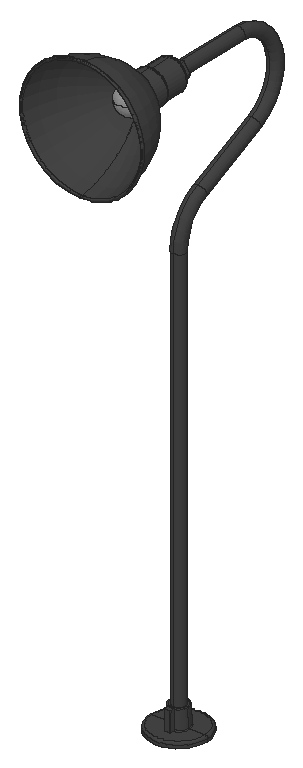
Revit family "BLE-G-DBW-G9-E26", category Lighting Fixtures, host Face, Revit 2022
Family settings
  Host = Face
  Round Connector Dimension = Use Diameter
  Part Type = Normal
  Cut with Voids When Loaded = No
  Light Source = Yes
  Maintain Annotation Orientation = No
  Shared = No
  Room Calculation Point = No
Parameters (values of type "10"")
  Wattage = 5.72229 W
  built-in parameter 1150110 = 1 (stored number, unit not read)
  built-in parameter 1114217 = 1 (stored number, unit not read)
  Tilt Angle = 0.00°
  built-in parameter 1150109 = 1 (stored number, unit not read)
  built-in parameter 1150134 = (empty or 0)
  built-in parameter 1150113 = 1 (stored number, unit not read)
  Gooseneck Material = 100 - Black
  Shade Material = 100 - Black
  Photometric Web File = "generic"
  built-in parameter 1150142 = (empty or 0)
  built-in parameter 1150105 = 67.641 (stored number, unit not read)
  Lumens = 850 lm
  built-in parameter 1150115 = 1 (stored number, unit not read)
  built-in parameter 1150137 = (empty or 0)
  built-in parameter 1150139 = (empty or 0)
  built-in parameter 1150112 = 1 (stored number, unit not read)
  built-in parameter 1150114 = 1 (stored number, unit not read)
  built-in parameter 1150132 = 2
  built-in parameter 1150102 = (empty or 0)
  built-in parameter 1150107 = 3000 (stored number, unit not read)
  built-in parameter 1150138 = (empty or 0)
  built-in parameter 1150106 = 0.67641 (stored number, unit not read)
  24" = no
  built-in parameter 1150104 = 13.8 (stored number, unit not read)
  20" = no
  Dimming Lamp Color Temperature Shift = <None>
  Default Elevation = 4' - 0"
  Color Filter = 16777215
  Base Material = 100 - Black
  built-in parameter 1114218 = 1 (stored number, unit not read)
  built-in parameter 1150133 = 10 (stored number, unit not read)
  16" = no
  14" = no
  12" = no
  10" = yes
Types (7): name | 24" | 20" | 16" | 14" | 12" | 10"
  (no name) | no | no | no | no | no | yes
  12" | no | no | no | no | yes | no
  14" | no | no | no | yes | no | no
  16" | no | no | yes | no | no | no
  10" | no | no | no | no | no | yes
  20" | no | yes | no | no | no | no
  24" | yes | no | no | no | no | no
Reference planes (in)
  plane 1 "Center (Front/Back)": y = 0
  plane 2: z = 0
  plane 3 "Center (Left/Right)": x = 0
Lines and regions (in)
  reference lines
    curve 1: line (0, 32, 0) -> (0, -36, 0)
    curve 2: line (-33.11947, 0, 0) -> (37.88053, 0, 0)
Dimensions and locks (in)
  locked: plane 1 "Center (Front/Back)" to imposter light at 4.75
  aligned and locked: plane 2 to host face
  aligned and locked: level to host face
  aligned and locked: plane 3 "Center (Left/Right)" to nested 1
  aligned and locked: plane 1 "Center (Front/Back)" to nested 1
  aligned and locked: nested 4 to imposter light
  aligned and locked: imposter light to nested 6  (x2)
  aligned and locked: nested 7 to nested 3
  aligned and locked: imposter light to plane 3 "Center (Left/Right)"
  aligned and locked: plane 1 "Center (Front/Back)" to nested 2
  aligned and locked: imposter light to nested 7
  aligned and locked: nested 3 to plane 3 "Center (Left/Right)"
  aligned and locked: nested 3 to nested 5
  aligned and locked: imposter light to nested 3
Nested families (in)
  nested 1: "WBP-7501" at (0, 0, 0), type "WBP-7501"
  nested 2: "G9" at (0, 0, 1.975), type "GNK-5011"
  nested 3: "DBW Shade" at (0, -0.75841, 47.80811) x (0, 0, -1) z (0, -1, 0), type "DBW Shade"
    with 24" no, 20" no, 16" no, 14" no, 12" no
  nested 4: "103264" at (0, -3.60156, 47.80811) x (0, 0, -1) z (0, -1, 0), type "103264"
    with Heat Sink 9" no
  nested 5: "CPL-0004" at (0, -0.10823, 47.80811) x (1, 0, 0) z (0, -1, 0), type "CPL-0004"
  nested 6: "E26 Socket Assy" at (0, -0.79747, 47.80811) x (0, 0, -1) z (0, -1, 0), type "E26 Socket Assy"
  nested 7: "E26 Bulb" at (0, -3.05246, 47.80811) x (1, 0, 0) z (0, -1, 0), type "E26 Bulb"
Connectors (in)
  electrical at (0, 0, 0)
    settings: index 1, voltage 0 V, apparent load 0 VA, apparent load phase1 0 VA, apparent load phase2 0 VA, apparent load phase3 0 VA, power factor 1, load classification "Other", number of poles 1, system type 31, power factor state 1, is connector primary yes, connector utility no, sub classification motor no, connector description ""
Definition of nested family "WBP-7501"
  Parameters (values of type "WBP-7501")
    Default Elevation = 3' - 0"
    Base Material = none
  Reference planes (in)
    plane 1 "Center (Front/Back)": y = 0
    plane 2: z = 0
    plane 3 "Center (Left/Right)": x = 0
    plane 4 "Base Dia": x = -2.325
    plane 5 "Base Height": z = 0.4
    plane 6 "Fillet Radius": z = 0.225
    plane 7: z = 0.458
    plane 8: x = -0.87
    plane 9: x = -0.81
    plane 10: x = -0.76
    plane 11: z = 1.917
    plane 12: z = 1.975
    plane 13: x = -0.7
    plane 14: x = -0.2595
    plane 15: x = 0.2595
    plane 16: y = -1.135
  Forms (in)
    Extrusion 1, solid
      sketch origin (0, 0, 0) x (1, 0, 0) y (0, 1, 0)
        loop
          line (-48, 48) -> (-48, -48) -> (48, -48) -> (48, 48) -> (-48, 48)
      from 0 to -12
    Revolve 2, solid, material <- "Base Material"
      sketch origin (0, 0, 0) x (1, 0, 0) y (0, 0, 1)
        loop
          line (0, 0) -> (0, 1.975) -> (-0.7, 1.975)
          arc (-0.7, 1.975) -> (-0.74172, 1.95814) -> (-0.76, 1.91702) r 0.06003
          line (-0.76, 1.91702) -> (-0.81, 0.458)
          arc (-0.81, 0.458) -> (-0.82699, 0.41699) -> (-0.868, 0.4) r 0.058
          line (-0.868, 0.4) -> (-2.15, 0.4)
          arc (-2.15, 0.4) -> (-2.27374, 0.34874) -> (-2.325, 0.225) r 0.175
          line (-2.325, 0.225) -> (-2.325, 0) -> (0, 0)
        axis (0, 0) -> (0, 1.975)
      angle from 0 to 360
    Extrusion 3, solid, material <- "Base Material"
      sketch origin (0, 0, 0) x (1, 0, 0) y (0, 1, 0)
        loop
          line (-0.2595, -0.76731) -> (-0.2595, -1.075)
          arc (-0.2595, -1.075) -> (-0.24193, -1.11743) -> (-0.1995, -1.135) r 0.06
          line (-0.1995, -1.135) -> (0.1995, -1.135)
          arc (0.1995, -1.135) -> (0.24193, -1.11743) -> (0.2595, -1.075) r 0.06
          line (0.2595, -1.075) -> (0.2595, -0.76731)
          arc (0.2595, -0.76731) -> (0, -0.81) -> (-0.2595, -0.76731) r 0.81
      from 0 to 1.975
  Cuts and joins
    joined: Revolve 2, Extrusion 3
  Dimensions and locks (in)
    plane 4 "Base Dia" to plane 3 "Center (Left/Right)" = 0' - 2.325"
    locked: plane 5 "Base Height" to Extrusion 1 at 0.4
    locked: plane 3 "Center (Left/Right)" to plane 4 "Base Dia" at 2.325
    locked: plane 5 "Base Height" to plane 6 "Fillet Radius" at 0.175
    locked: plane 3 "Center (Left/Right)" to plane 9 at 0.81
    locked: plane 3 "Center (Left/Right)" to plane 8 at 0.87
    locked: plane 3 "Center (Left/Right)" to plane 10 at 0.76
    locked: plane 3 "Center (Left/Right)" to plane 13 at 0.7
    locked: plane 11 to plane 5 "Base Height" at 1.517
    locked: plane 12 to plane 5 "Base Height" at 1.575
    locked: plane 7 to plane 5 "Base Height" at 0.058
    locked: plane 14 to plane 3 "Center (Left/Right)" at 0.2595
    locked: plane 3 "Center (Left/Right)" to plane 15 at 0.2595
    locked: plane 16 to plane 1 "Center (Front/Back)" at 1.135
    radius of Revolve 2 sketch curve = 0' - 0.175"
    aligned and locked: plane 2 to Extrusion 1
    aligned and locked: level to Extrusion 1
    aligned and locked: Revolve 2 sketch curve to plane 5 "Base Height"
    aligned and locked: plane 9 to Revolve 2 sketch curve
    aligned and locked: plane 3 "Center (Left/Right)" to Revolve 2 sketch curve
    aligned and locked: plane 15 to Extrusion 3 sketch curve
    aligned and locked: Extrusion 3 sketch curve to plane 16
    aligned and locked: Extrusion 3 sketch curve to plane 14
  Automatic sketch dimensions
    Extrusion 1 sketch curve to Extrusion 1 sketch curve = 8' - 0"  (x2)
    Revolve 2 sketch curve to level = 0' - 0"
    Revolve 2 sketch curve to plane 4 "Base Dia" = 0' - 0"
    Revolve 2 sketch curve to plane 7 = 0' - 0"  (x2)
    plane 10 to Revolve 2 sketch curve = 0' - 0"
    Revolve 2 sketch curve to plane 12 = 0' - 0"
    Revolve 2 sketch curve to plane 13 = 0' - 0"
    Revolve 2 sketch curve to plane 3 "Center (Left/Right)" = 0' - 0"
    Revolve 2 sketch curve to Revolve 2 sketch curve = 0' - 0.22742"
    Revolve 2 sketch curve to Revolve 2 sketch curve = 0' - 1.76377"
    plane 1 "Center (Front/Back)" to Extrusion 3 sketch curve = 0' - 0"
    Extrusion 3 sketch curve to plane 3 "Center (Left/Right)" = 0' - 0"
    plane 14 to Extrusion 3 sketch curve = 0' - 0.06"
    Extrusion 3 sketch curve to plane 15 = 0' - 0.06"
    Extrusion 3 sketch curve to Extrusion 3 sketch curve = 0' - 0.30769"
Definition of nested family "G9"
  Parameters (values of type "G9")
    Gooseneck Material = none
    Default Elevation = 2' - 0"
  Reference planes (in)
    plane 1 "Center (Front/Back)": y = 0
    plane 2: z = 0
    plane 3 "Center (Left/Right)": x = 0
    plane 4 "Wood Height": z = 0
  Forms (in)
    Extrusion 1, solid
      sketch origin (0, 0, 0) x (1, 0, 0) y (0, 1, 0)
        loop
          line (-48, 48) -> (-48, -48) -> (48, -48) -> (48, 48) -> (-48, 48)
      from 0 to -12
    Sweep 2, solid, material <- "Gooseneck Material"
      path origin (0, 0, 0) x (0, 1, 0) y (0, 0, 1)
        loop
          line (0, -0.0015) -> (0, 32.75324)
          arc (0, 32.75324) -> (0.58648, 34.76536) -> (2.16222, 36.14725) r 3.74487
          line (2.16222, 36.14725) -> (7.60328, 38.68446)
          arc (7.60328, 38.68446) -> (9.67957, 42.89476) -> (6.01846, 45.83311) r 3.75
          line (6.01846, 45.83311) -> (-0.10823, 45.83311)
      profile origin (0, 0, 16.37587) x (0, -1, 0) y (1, 0, 0)
        loop
          circle (0, 0) r 0.52676
  Dimensions and locks (in)
    aligned and locked: plane 2 to Extrusion 1
    aligned and locked: level to Extrusion 1
    aligned and locked: Extrusion 1 to plane 4 "Wood Height"
  Automatic sketch dimensions
    Extrusion 1 sketch curve to Extrusion 1 sketch curve = 8' - 0"  (x2)
    Sweep 2 sketch curve to plane 1 "Center (Front/Back)" = 0' - 0"
    Sweep 2 sketch curve to plane 1 "Center (Front/Back)" = 0' - 2.16222"
    Sweep 2 sketch curve to Sweep 2 sketch curve = 0' - 1.58265"
    Sweep 2 sketch curve to Sweep 2 sketch curve = 0' - 1.58482"
    level to Sweep 2 sketch curve = 2' - 8.75324"
    Sweep 2 sketch curve to Sweep 2 sketch curve = 0' - 2.53721"
    plane 1 "Center (Front/Back)" to Sweep 2 sketch curve = 0' - 0.10823"
    Sweep 2 sketch curve to level = 0' - 0.0015"
    Sweep 2 sketch curve to plane 3 "Center (Left/Right)" = 0' - 0"
    Sweep 2 sketch curve to profile plane = 0' - 0"
    radius of Sweep 2 sketch curve = 0' - 0.52676"
Definition of nested family "DBW Shade"
  Parameters (values of type "DBW Shade")
    Shade Material = none
    Default Elevation = 2' - 0"
    24" = yes
    20" = yes
    10" = yes
    16" = yes
    14" = yes
    12" = yes
  Reference planes (in)
    plane 1 "Center (Front/Back)": y = 0
    plane 2: z = 0
    plane 3 "Center (Left/Right)": x = 0
  Forms (in)
    Extrusion 1, solid
      sketch origin (0, 0, 0) x (1, 0, 0) y (0, 1, 0)
        loop
          line (-48, 48) -> (-48, -48) -> (48, -48) -> (48, 48) -> (-48, 48)
      from 0 to -12
  Dimensions and locks (in)
    aligned and locked: plane 2 to Extrusion 1
    aligned and locked: level to Extrusion 1
    aligned and locked: plane 1 "Center (Front/Back)" to nested 1
    aligned and locked: plane 3 "Center (Left/Right)" to nested 1
    aligned and locked: plane 3 "Center (Left/Right)" to nested 2
    aligned and locked: plane 1 "Center (Front/Back)" to nested 2
    aligned and locked: plane 1 "Center (Front/Back)" to nested 3
    aligned and locked: plane 3 "Center (Left/Right)" to nested 3
    aligned and locked: plane 1 "Center (Front/Back)" to nested 4
    aligned and locked: plane 1 "Center (Front/Back)" to nested 5
    aligned and locked: plane 3 "Center (Left/Right)" to nested 5
    aligned and locked: plane 3 "Center (Left/Right)" to nested 6
    aligned and locked: plane 1 "Center (Front/Back)" to nested 6
    aligned and locked: plane 3 "Center (Left/Right)" to nested 4
  Nested families (in)
    nested 1: "SHD-0028" at (0, 0, 0), visible <- "10"", type "SHD-0028"
    nested 2: "SHD-0029" at (0, 0, 0), visible <- "12"", type "SHD-0029"
    nested 3: "SHD-0114" at (0, 0, 0), visible <- "14"", type "SHD-0114"
    nested 4: "SHD-0115" at (0, 0, 0), visible <- "16"", type "SHD-0115"
    nested 5: "SHD-0308" at (0, 0, 0), visible <- "24"", type "SHD-0308"
    nested 6: "SHD-0223" at (0, 0, 0), visible <- "20"", type "SHD-0223"
  Definition of nested family "SHD-0028"
    Parameters (values of type "SHD-0028")
      Shade Material = none
      Default Elevation = 2' - 0"
    Reference planes (in)
      plane 1 "Center (Front/Back)": y = 0
      plane 2: z = 0
      plane 3 "Center (Left/Right)": x = 0
      plane 4 "Wood Height": z = 0
      plane 5 "Nut Radius": x = -1.03713
      plane 6 "Nut Flat": x = -0.861
      plane 7 "Shade Thickness": z = 0.04
      plane 8 "Lower Shade bottom": z = 9.109
      plane 9 "Lower Shade Outer Dia": x = -5
      plane 10 "Shade Top Dia": x = -1.20713
      plane 11 "Shade Middle Radius Height1": z = 1.965
      plane 12 "Shade Lower Diameter1": x = -1.44113
      plane 13 "Shade Top Radius": x = -1.29713
      plane 14 "Shade Middle Radious Height2": z = 2.105
      plane 15 "Shade Middle Radius Diameter2": x = -1.41363
      plane 16 "Lip Height": z = 9.029
      plane 17 "Bowl Start": z = 3.545
      plane 18: x = -4.85
      plane 19: z = 9.069
    Forms (in)
      Extrusion 1, solid
        sketch origin (0, 0, 0) x (1, 0, 0) y (0, 1, 0)
          loop
            line (-48, 48) -> (-48, -48) -> (48, -48) -> (48, 48) -> (-48, 48)
        from 0 to -12
      Revolve 2, solid, material <- "Shade Material"
        sketch origin (0, 0, 0) x (1, 0, 0) y (0, 0, 1)
          loop
            line (0, 0) -> (0, 0.03906) -> (-1.20713, 0.03906)
            arc (-1.20713, 0.03906) -> (-1.24314, 0.05398) -> (-1.25806, 0.09) r 0.05094
            line (-1.25806, 0.09) -> (-1.25806, 1.94384)
            arc (-1.25806, 1.94384) -> (-1.26409, 1.97759) -> (-1.28141, 2.00717) r 0.09757
            line (-1.28141, 2.00717) -> (-1.37456, 2.11635) -> (-1.37456, 3.48096)
            arc (-1.37456, 3.48096) -> (-1.39014, 3.54099) -> (-1.43295, 3.58588) r 0.12347
            arc (-1.43295, 3.58588) -> (-3.7536, 5.90437) -> (-4.80544, 9.01154) r 7.20294
            arc (-4.80544, 9.01154) -> (-4.99326, 9.04214) -> (-4.84504, 8.9228) r 0.09841
            line (-4.84504, 8.9228) -> (-4.86619, 8.95581)
            arc (-4.86619, 8.95581) -> (-4.95809, 9.02506) -> (-4.84432, 9.00777) r 0.05934
            arc (-4.84432, 9.00777) -> (-3.78678, 5.88375) -> (-1.45354, 3.55268) r 7.242
            arc (-1.45354, 3.55268) -> (-1.42428, 3.522) -> (-1.41363, 3.48096) r 0.0844
            line (-1.41363, 3.48096) -> (-1.41363, 2.13147)
            arc (-1.41363, 2.13147) -> (-1.40868, 2.10377) -> (-1.39446, 2.07949) r 0.08009
            line (-1.39446, 2.07949) -> (-1.31112, 1.98181)
            arc (-1.31112, 1.98181) -> (-1.30074, 1.96408) -> (-1.29713, 1.94384) r 0.0585
            line (-1.29713, 1.94384) -> (-1.29713, 0.09)
            arc (-1.29713, 0.09) -> (-1.27077, 0.02636) -> (-1.20713, 0) r 0.09
            line (-1.20713, 0) -> (0, 0)
          axis (0, 9.01154) -> (0, 0)
        angle from 0 to 360
    Dimensions and locks (in)
      locked: plane 6 "Nut Flat" to plane 3 "Center (Left/Right)" at 0.861
      locked: plane 7 "Shade Thickness" to plane 4 "Wood Height" at 0.04
      locked: plane 3 "Center (Left/Right)" to plane 9 "Lower Shade Outer Dia" at 5
      locked: plane 11 "Shade Middle Radius Height1" to plane 4 "Wood Height" at 1.965
      locked: plane 14 "Shade Middle Radious Height2" to plane 4 "Wood Height" at 2.105
      locked: plane 8 "Lower Shade bottom" to plane 16 "Lip Height" at 0.08
      locked: plane 17 "Bowl Start" to plane 4 "Wood Height" at 3.545
      locked: plane 18 to plane 9 "Lower Shade Outer Dia" at 0.15
      locked: plane 8 "Lower Shade bottom" to plane 19 at 0.04
      locked: plane 8 "Lower Shade bottom" to plane 4 "Wood Height" at 9.109
      aligned and locked: plane 2 to Extrusion 1
      aligned and locked: level to Extrusion 1
      aligned and locked: plane 4 "Wood Height" to Revolve 2 sketch curve
      aligned and locked: plane 10 "Shade Top Dia" to Revolve 2 sketch curve
      aligned and locked: Revolve 2 sketch curve to plane 15 "Shade Middle Radius Diameter2"
      aligned and locked: Revolve 2 sketch curve to plane 13 "Shade Top Radius"
      aligned and locked: Extrusion 1 to plane 4 "Wood Height"
    Automatic sketch dimensions
      Extrusion 1 sketch curve to Extrusion 1 sketch curve = 8' - 0"  (x2)
      Revolve 2 sketch curve to Revolve 2 sketch curve = 0' - 0"  (x12)
      Revolve 2 sketch curve to plane 3 "Center (Left/Right)" = 0' - 0"  (x2)
      plane 18 to Revolve 2 sketch curve = 0' - 0.00496"
      Revolve 2 sketch curve to plane 18 = 0' - 0.01619"
      plane 15 "Shade Middle Radius Diameter2" to Revolve 2 sketch curve = 0' - 0.01916"
      plane 14 "Shade Middle Radious Height2" to Revolve 2 sketch curve = 0' - 0.01135"
      plane 15 "Shade Middle Radius Diameter2" to Revolve 2 sketch curve = 0' - 0 5/128"
      Revolve 2 sketch curve to plane 11 "Shade Middle Radius Height1" = 0' - 0.02116"
      plane 15 "Shade Middle Radius Diameter2" to Revolve 2 sketch curve = 0' - 0.058"
      plane 14 "Shade Middle Radious Height2" to Revolve 2 sketch curve = 0' - 0.02647"
      Revolve 2 sketch curve to plane 13 "Shade Top Radius" = 0' - 0.01572"
      Revolve 2 sketch curve to Revolve 2 sketch curve = 0' - 0 5/128"
      Revolve 2 sketch curve to plane 17 "Bowl Start" = 0' - 0.06404"
      plane 18 to Revolve 2 sketch curve = 0' - 0.00568"
      plane 17 "Bowl Start" to Revolve 2 sketch curve = 0' - 0.15101"
      Revolve 2 sketch curve to Revolve 2 sketch curve = 0' - 2.15863"
      Revolve 2 sketch curve to plane 12 "Shade Lower Diameter1" = 0' - 0.00818"
      Revolve 2 sketch curve to Revolve 2 sketch curve = 0' - 0.03888"  (x2)
      Revolve 2 sketch curve to Revolve 2 sketch curve = 0' - 0.03301"
      Revolve 2 sketch curve to Revolve 2 sketch curve = 0' - 0.02059"
      Revolve 2 sketch curve to Revolve 2 sketch curve = 0' - 0.03319"
  Definition of nested family "SHD-0029"
    Parameters (values of type "SHD-0029")
      Shade Material = none
      Default Elevation = 2' - 0"
    Reference planes (in)
      plane 1 "Center (Front/Back)": y = 0
      plane 2: z = 0
      plane 3 "Center (Left/Right)": x = 0
      plane 4 "Wood Height": z = 0
      plane 5 "Nut Radius": x = -1.03713
      plane 6 "Nut Flat": x = -0.861
      plane 7 "Shade Thickness": z = 0.04
      plane 8 "Shade Top Dia": x = -1.20713
      plane 9 "Shade Middle Radius Height1": z = 1.965
      plane 10 "Shade Lower Diameter1": x = -1.44113
      plane 11 "Shade Top Radius": x = -1.29713
      plane 12 "Shade Middle Radious Height2": z = 2.105
      plane 13 "Shade Middle Radius Diameter2": x = -1.41363
      plane 14 "Bowl Start": z = 3.545
    Forms (in)
      Extrusion 1, solid
        sketch origin (0, 0, 0) x (1, 0, 0) y (0, 1, 0)
          loop
            line (-48, 48) -> (-48, -48) -> (48, -48) -> (48, 48) -> (-48, 48)
        from 0 to -12
      Revolve 2, solid, material <- "Shade Material"
        sketch origin (0, 0, 0) x (1, 0, 0) y (0, 0, 1)
          loop
            line (0, 0) -> (0, 0.03906) -> (-1.20713, 0.03906)
            arc (-1.20713, 0.03906) -> (-1.24314, 0.05398) -> (-1.25806, 0.09) r 0.05094
            line (-1.25806, 0.09) -> (-1.25806, 1.94384)
            arc (-1.25806, 1.94384) -> (-1.26409, 1.97759) -> (-1.28141, 2.00717) r 0.09757
            line (-1.28141, 2.00717) -> (-1.37456, 2.11635) -> (-1.37456, 3.49488)
            arc (-1.37456, 3.49488) -> (-1.3856, 3.54027) -> (-1.41623, 3.57553) r 0.09889
            arc (-1.41623, 3.57553) -> (-4.2546, 6.22323) -> (-5.80711, 9.7808) r 9.56481
            arc (-5.80711, 9.7808) -> (-5.99536, 9.79563) -> (-5.84506, 9.68132) r 0.09841
            line (-5.84506, 9.68132) -> (-5.86621, 9.71432)
            arc (-5.86621, 9.71432) -> (-5.9593, 9.78052) -> (-5.84534, 9.77276) r 0.05934
            arc (-5.84534, 9.77276) -> (-4.28694, 6.2013) -> (-1.43786, 3.54296) r 9.60387
            arc (-1.43786, 3.54296) -> (-1.42003, 3.5218) -> (-1.41363, 3.49488) r 0.05982
            line (-1.41363, 3.49488) -> (-1.41363, 2.13147)
            arc (-1.41363, 2.13147) -> (-1.40868, 2.10377) -> (-1.39446, 2.07949) r 0.08009
            line (-1.39446, 2.07949) -> (-1.31112, 1.98181)
            arc (-1.31112, 1.98181) -> (-1.30074, 1.96408) -> (-1.29713, 1.94384) r 0.0585
            line (-1.29713, 1.94384) -> (-1.29713, 0.09)
            arc (-1.29713, 0.09) -> (-1.27077, 0.02636) -> (-1.20713, 0) r 0.09
            line (-1.20713, 0) -> (0, 0)
          axis (0, 9.7808) -> (0, 0)
        angle from 0 to 360
    Dimensions and locks (in)
      locked: plane 6 "Nut Flat" to plane 3 "Center (Left/Right)" at 0.861
      locked: plane 7 "Shade Thickness" to plane 4 "Wood Height" at 0.04
      locked: plane 9 "Shade Middle Radius Height1" to plane 4 "Wood Height" at 1.965
      locked: plane 12 "Shade Middle Radious Height2" to plane 4 "Wood Height" at 2.105
      locked: plane 14 "Bowl Start" to plane 4 "Wood Height" at 3.545
      aligned and locked: plane 2 to Extrusion 1
      aligned and locked: level to Extrusion 1
      aligned and locked: plane 4 "Wood Height" to Revolve 2 sketch curve
      aligned and locked: plane 8 "Shade Top Dia" to Revolve 2 sketch curve
      aligned and locked: Revolve 2 sketch curve to plane 13 "Shade Middle Radius Diameter2"
      aligned and locked: Revolve 2 sketch curve to plane 11 "Shade Top Radius"
      aligned and locked: Extrusion 1 to plane 4 "Wood Height"
    Automatic sketch dimensions
      Extrusion 1 sketch curve to Extrusion 1 sketch curve = 8' - 0"  (x2)
      Revolve 2 sketch curve to Revolve 2 sketch curve = 0' - 0"  (x15)
      Revolve 2 sketch curve to plane 3 "Center (Left/Right)" = 0' - 0"  (x2)
      plane 10 "Shade Lower Diameter1" to Revolve 2 sketch curve = 0' - 0.03232"
      Revolve 2 sketch curve to Revolve 2 sketch curve = 0' - 0.02115"
      Revolve 2 sketch curve to Revolve 2 sketch curve = 0' - 0.0372"
      plane 13 "Shade Middle Radius Diameter2" to Revolve 2 sketch curve = 0' - 0.01916"
      plane 12 "Shade Middle Radious Height2" to Revolve 2 sketch curve = 0' - 0.01135"
      plane 13 "Shade Middle Radius Diameter2" to Revolve 2 sketch curve = 0' - 0 5/128"
      Revolve 2 sketch curve to plane 9 "Shade Middle Radius Height1" = 0' - 0.02116"
      plane 13 "Shade Middle Radius Diameter2" to Revolve 2 sketch curve = 0' - 0.058"
      plane 12 "Shade Middle Radious Height2" to Revolve 2 sketch curve = 0' - 0.02647"
      Revolve 2 sketch curve to plane 11 "Shade Top Radius" = 0' - 0.01572"
      Revolve 2 sketch curve to Revolve 2 sketch curve = 0' - 0 5/128"
      Revolve 2 sketch curve to plane 14 "Bowl Start" = 0' - 0.05012"
      Revolve 2 sketch curve to Revolve 2 sketch curve = 0' - 0.03301"
      Revolve 2 sketch curve to Revolve 2 sketch curve = 0' - 0.04623"
      Revolve 2 sketch curve to plane 13 "Shade Middle Radius Diameter2" = 0' - 0.00261"
      Revolve 2 sketch curve to plane 14 "Bowl Start" = 0' - 0.00204"
      plane 14 "Bowl Start" to Revolve 2 sketch curve = 0' - 0.15101"
      Revolve 2 sketch curve to Revolve 2 sketch curve = 0' - 2.15863"
      plane 10 "Shade Lower Diameter1" to Revolve 2 sketch curve = 0' - 4.40394"
      plane 3 "Center (Left/Right)" to Revolve 2 sketch curve = 0' - 3.5532"
      plane 14 "Bowl Start" to Revolve 2 sketch curve = 0' - 6.13632"
  Definition of nested family "SHD-0114"
    Parameters (values of type "SHD-0114")
      Shade Material = none
      Default Elevation = 2' - 0"
    Reference planes (in)
      plane 1 "Center (Front/Back)": y = 0
      plane 2: z = 0
      plane 3 "Center (Left/Right)": x = 0
      plane 4 "Wood Height": z = 0
    Forms (in)
      Extrusion 1, solid
        sketch origin (0, 0, 0) x (1, 0, 0) y (0, 1, 0)
          loop
            line (-48, 48) -> (-48, -48) -> (48, -48) -> (48, 48) -> (-48, 48)
        from 0 to -12
      Revolve 2, solid, material <- "Shade Material"
        sketch origin (0, 0, 0) x (1, 0, 0) y (0, 0, 1)
          loop
            line (0, 0) -> (0, 0.03906) -> (-1.45545, 0.03906)
            arc (-1.45545, 0.03906) -> (-1.49164, 0.05405) -> (-1.50663, 0.09025) r 0.05119
            line (-1.50663, 0.09025) -> (-1.50663, 2.07228)
            arc (-1.50663, 2.07228) -> (-1.51325, 2.1034) -> (-1.53194, 2.12913) r 0.0765
            line (-1.53194, 2.12913) -> (-1.59895, 2.18946)
            arc (-1.59895, 2.18946) -> (-1.61737, 2.21483) -> (-1.62389, 2.24549) r 0.07539
            line (-1.62389, 2.24549) -> (-1.62389, 3.76049)
            arc (-1.62389, 3.76049) -> (-1.63985, 3.81863) -> (-1.68326, 3.86047) r 0.11386
            arc (-1.68326, 3.86047) -> (-5.12462, 6.95788) -> (-6.79993, 11.27416) r 9.99002
            arc (-6.79993, 11.27416) -> (-6.99505, 11.29998) -> (-6.84047, 11.17815) r 0.10205
            line (-6.84047, 11.17815) -> (-6.86365, 11.20959)
            arc (-6.86365, 11.20959) -> (-6.95906, 11.28479) -> (-6.83863, 11.26885) r 0.06299
            arc (-6.83863, 11.26885) -> (-5.15677, 6.93569) -> (-1.70196, 3.82617) r 10.02909
            arc (-1.70196, 3.82617) -> (-1.67344, 3.79868) -> (-1.66295, 3.76049) r 0.07479
            line (-1.66295, 3.76049) -> (-1.66295, 2.24549)
            arc (-1.66295, 2.24549) -> (-1.65306, 2.19894) -> (-1.62508, 2.16043) r 0.11445
            line (-1.62508, 2.16043) -> (-1.55808, 2.1001)
            arc (-1.55808, 2.1001) -> (-1.54893, 2.08751) -> (-1.54569, 2.07228) r 0.03743
            line (-1.54569, 2.07228) -> (-1.54569, 0.09025)
            arc (-1.54569, 0.09025) -> (-1.51926, 0.02643) -> (-1.45545, 0) r 0.09025
            line (-1.45545, 0) -> (0, 0)
          axis (0, 11.27416) -> (0, 0)
        angle from 0 to 360
    Dimensions and locks (in)
      aligned and locked: plane 2 to Extrusion 1
      aligned and locked: level to Extrusion 1
      aligned and locked: Extrusion 1 to plane 4 "Wood Height"
    Automatic sketch dimensions
      Extrusion 1 sketch curve to Extrusion 1 sketch curve = 8' - 0"  (x2)
      Revolve 2 sketch curve to Revolve 2 sketch curve = 0' - 0"  (x25)
      Revolve 2 sketch curve to level = 0' - 0"
      Revolve 2 sketch curve to plane 3 "Center (Left/Right)" = 0' - 0"  (x2)
      Revolve 2 sketch curve to Revolve 2 sketch curve = 0' - 0.01239"
      Revolve 2 sketch curve to Revolve 2 sketch curve = 0' - 0.07479"
      Revolve 2 sketch curve to Revolve 2 sketch curve = 0' - 0.02318"
      Revolve 2 sketch curve to Revolve 2 sketch curve = 0' - 0.03738"
      Revolve 2 sketch curve to Revolve 2 sketch curve = 0' - 0.03144"
      Revolve 2 sketch curve to Revolve 2 sketch curve = 0' - 0.0507"
      Revolve 2 sketch curve to Revolve 2 sketch curve = 0' - 0.01869"  (x2)
      Revolve 2 sketch curve to Revolve 2 sketch curve = 0' - 2.15863"
      plane 3 "Center (Left/Right)" to Revolve 2 sketch curve = 0' - 3.09734"
      Revolve 2 sketch curve to Revolve 2 sketch curve = 0' - 0.02614"
      Revolve 2 sketch curve to Revolve 2 sketch curve = 0' - 0 5/128"  (x2)
      Revolve 2 sketch curve to Revolve 2 sketch curve = 0' - 1.45545"
      Revolve 2 sketch curve to Revolve 2 sketch curve = 0' - 0.05119"
      Revolve 2 sketch curve to Revolve 2 sketch curve = 0' - 0.02531"
      Revolve 2 sketch curve to Revolve 2 sketch curve = 0' - 0.01656"
      Revolve 2 sketch curve to Revolve 2 sketch curve = 0' - 0.02505"
      Revolve 2 sketch curve to Revolve 2 sketch curve = 0' - 0.05045"
      Revolve 2 sketch curve to plane 3 "Center (Left/Right)" = 0' - 6.84047"
      Revolve 2 sketch curve to Revolve 2 sketch curve = 0' - 1.98204"
      Revolve 2 sketch curve to Revolve 2 sketch curve = 0' - 1.515"
      Revolve 2 sketch curve to Revolve 2 sketch curve = 0' - 7.41765"
      Revolve 2 sketch curve to Revolve 2 sketch curve = 0' - 0.06448"
  Definition of nested family "SHD-0115"
    Parameters (values of type "SHD-0115")
      Shade Material = none
      Default Elevation = 2' - 0"
    Reference planes (in)
      plane 1 "Center (Front/Back)": y = 0
      plane 2: z = 0
      plane 3 "Center (Left/Right)": x = 0
      plane 4 "Wood Height": z = 0
    Forms (in)
      Extrusion 1, solid
        sketch origin (0, 0, 0) x (1, 0, 0) y (0, 1, 0)
          loop
            line (-48, 48) -> (-48, -48) -> (48, -48) -> (48, 48) -> (-48, 48)
        from 0 to -12
      Revolve 2, solid, material <- "Shade Material"
        sketch origin (0, 0, 0) x (1, 0, 0) y (0, 0, 1)
          loop
            line (0, 0) -> (0, 0.03906) -> (-1.45545, 0.03906)
            arc (-1.45545, 0.03906) -> (-1.49164, 0.05405) -> (-1.50663, 0.09025) r 0.05119
            line (-1.50663, 0.09025) -> (-1.50663, 2.07228)
            arc (-1.50663, 2.07228) -> (-1.51325, 2.1034) -> (-1.53194, 2.12913) r 0.0765
            line (-1.53194, 2.12913) -> (-1.59895, 2.18946)
            arc (-1.59895, 2.18946) -> (-1.61737, 2.21483) -> (-1.62389, 2.24549) r 0.07539
            line (-1.62389, 2.24549) -> (-1.62389, 3.76049)
            arc (-1.62389, 3.76049) -> (-1.64115, 3.82076) -> (-1.6877, 3.86276) r 0.11386
            arc (-1.6877, 3.86276) -> (-5.9143, 7.51176) -> (-7.79992, 12.76759) r 10.98102
            arc (-7.79992, 12.76759) -> (-7.99459, 12.80067) -> (-7.84102, 12.67655) r 0.10205
            line (-7.84102, 12.67655) -> (-7.8642, 12.70799)
            arc (-7.8642, 12.70799) -> (-7.95899, 12.7846) -> (-7.83883, 12.76418) r 0.06299
            arc (-7.83883, 12.76418) -> (-5.94651, 7.48965) -> (-1.70487, 3.82767) r 11.02008
            arc (-1.70487, 3.82767) -> (-1.67429, 3.80009) -> (-1.66295, 3.76049) r 0.07479
            line (-1.66295, 3.76049) -> (-1.66295, 2.24549)
            arc (-1.66295, 2.24549) -> (-1.65306, 2.19894) -> (-1.62508, 2.16043) r 0.11445
            line (-1.62508, 2.16043) -> (-1.55808, 2.1001)
            arc (-1.55808, 2.1001) -> (-1.54893, 2.08751) -> (-1.54569, 2.07228) r 0.03743
            line (-1.54569, 2.07228) -> (-1.54569, 0.09025)
            arc (-1.54569, 0.09025) -> (-1.51926, 0.02643) -> (-1.45545, 0) r 0.09025
            line (-1.45545, 0) -> (0, 0)
          axis (0, 12.76759) -> (0, 0)
        angle from 0 to 360
    Dimensions and locks (in)
      aligned and locked: plane 2 to Extrusion 1
      aligned and locked: level to Extrusion 1
      aligned and locked: Extrusion 1 to plane 4 "Wood Height"
    Automatic sketch dimensions
      Extrusion 1 sketch curve to Extrusion 1 sketch curve = 8' - 0"  (x2)
      Revolve 2 sketch curve to Revolve 2 sketch curve = 0' - 0"  (x16)
      Revolve 2 sketch curve to level = 0' - 0"
      Revolve 2 sketch curve to plane 3 "Center (Left/Right)" = 0' - 0"  (x2)
      Revolve 2 sketch curve to Revolve 2 sketch curve = 0' - 1.45545"
      Revolve 2 sketch curve to plane 3 "Center (Left/Right)" = 0' - 1.50663"
      Revolve 2 sketch curve to Revolve 2 sketch curve = 0' - 0.02531"
      Revolve 2 sketch curve to Revolve 2 sketch curve = 0' - 0 5/128"
      Revolve 2 sketch curve to Revolve 2 sketch curve = 0' - 0.01656"
      Revolve 2 sketch curve to Revolve 2 sketch curve = 0' - 0.01239"
      Revolve 2 sketch curve to Revolve 2 sketch curve = 0' - 0.02505"
      Revolve 2 sketch curve to Revolve 2 sketch curve = 0' - 0.05045"
      Revolve 2 sketch curve to Revolve 2 sketch curve = 0' - 0.02494"
      Revolve 2 sketch curve to Revolve 2 sketch curve = 0' - 0.02614"
      Revolve 2 sketch curve to Revolve 2 sketch curve = 0' - 0.07479"
      Revolve 2 sketch curve to Revolve 2 sketch curve = 0' - 0.02318"
      Revolve 2 sketch curve to Revolve 2 sketch curve = 0' - 0.03738"
      plane 3 "Center (Left/Right)" to Revolve 2 sketch curve = 0' - 3.13919"
      Revolve 2 sketch curve to Revolve 2 sketch curve = 0' - 1.98204"
      Revolve 2 sketch curve to Revolve 2 sketch curve = 0' - 1.515"
      Revolve 2 sketch curve to Revolve 2 sketch curve = 0' - 0.03144"
      Revolve 2 sketch curve to Revolve 2 sketch curve = 0' - 0.0507"
      Revolve 2 sketch curve to Revolve 2 sketch curve = 0' - 1.04947"
      Revolve 2 sketch curve to Revolve 2 sketch curve = 0' - 0.03891"
      Revolve 2 sketch curve to Revolve 2 sketch curve = 0' - 0.06448"
      Revolve 2 sketch curve to Revolve 2 sketch curve = 0' - 2.15863"
  Definition of nested family "SHD-0308"
    Parameters (values of type "SHD-0308")
      Shade Material = none
      Default Elevation = 2' - 0"
    Reference planes (in)
      plane 1 "Center (Front/Back)": y = 0
      plane 2: z = 0
      plane 3 "Center (Left/Right)": x = 0
      plane 4 "Wood Height": z = 0
    Forms (in)
      Extrusion 1, solid
        sketch origin (0, 0, 0) x (1, 0, 0) y (0, 1, 0)
          loop
            line (-48, 48) -> (-48, -48) -> (48, -48) -> (48, 48) -> (-48, 48)
        from 0 to -12
      Revolve 2, solid, material <- "Shade Material"
        sketch origin (0, 0, 0) x (1, 0, 0) y (0, 0, 1)
          loop
            line (0, 0) -> (0, 0.03906) -> (-2.22237, 0.03906)
            arc (-2.22237, 0.03906) -> (-2.2742, 0.06053) -> (-2.29567, 0.11236) r 0.0733
            line (-2.29567, 0.11236) -> (-2.29567, 3.09806)
            arc (-2.29567, 3.09806) -> (-2.30835, 3.16758) -> (-2.34475, 3.22814) r 0.19691
            line (-2.34475, 3.22814) -> (-2.42725, 3.32189)
            arc (-2.42725, 3.32189) -> (-2.46224, 3.38009) -> (-2.47442, 3.4469) r 0.18923
            line (-2.47442, 3.4469) -> (-2.47442, 5.72055)
            arc (-2.47442, 5.72055) -> (-2.4994, 5.80773) -> (-2.56677, 5.86845) r 0.16462
            arc (-2.56677, 5.86845) -> (-9.0535, 11.47959) -> (-11.91654, 19.56448) r 16.76616
            arc (-11.91654, 19.56448) -> (-11.93143, 19.59499) -> (-11.96306, 19.60734) r 0.04667
            line (-11.96306, 19.60734) -> (-12.00319, 19.60734)
            arc (-12.00319, 19.60734) -> (-12.07667, 19.53386) -> (-12.00319, 19.46037) r 0.07348
            line (-12.00319, 19.46037) -> (-11.96309, 19.46037) -> (-11.96309, 19.49944) -> (-12.00319, 19.49944)
            arc (-12.00319, 19.49944) -> (-12.03761, 19.53386) -> (-12.00319, 19.56828) r 0.03442
            line (-12.00319, 19.56828) -> (-11.95604, 19.56828)
            arc (-11.95604, 19.56828) -> (-9.08774, 11.46046) -> (-2.58392, 5.83336) r 16.80523
            arc (-2.58392, 5.83336) -> (-2.53254, 5.78704) -> (-2.51348, 5.72055) r 0.12556
            line (-2.51348, 5.72055) -> (-2.51348, 3.4469)
            arc (-2.51348, 3.4469) -> (-2.49878, 3.3663) -> (-2.45658, 3.29609) r 0.22829
            line (-2.45658, 3.29609) -> (-2.37408, 3.20234)
            arc (-2.37408, 3.20234) -> (-2.34489, 3.15379) -> (-2.33473, 3.09806) r 0.15785
            line (-2.33473, 3.09806) -> (-2.33473, 0.11236)
            arc (-2.33473, 0.11236) -> (-2.30182, 0.03291) -> (-2.22237, 0) r 0.11236
            line (-2.22237, 0) -> (0, 0)
          axis (0, 19.60734) -> (0, 0)
        angle from 0 to 360
    Dimensions and locks (in)
      aligned and locked: plane 2 to Extrusion 1
      aligned and locked: level to Extrusion 1
      aligned and locked: Extrusion 1 to plane 4 "Wood Height"
    Automatic sketch dimensions
      Extrusion 1 sketch curve to Extrusion 1 sketch curve = 8' - 0"  (x2)
      Revolve 2 sketch curve to Revolve 2 sketch curve = 0' - 0"  (x24)
      Revolve 2 sketch curve to level = 0' - 0"
      Revolve 2 sketch curve to plane 3 "Center (Left/Right)" = 0' - 0"  (x2)
      Revolve 2 sketch curve to Revolve 2 sketch curve = 0' - 0.01047"
      Revolve 2 sketch curve to Revolve 2 sketch curve = 0' - 0.01002"
      Revolve 2 sketch curve to Revolve 2 sketch curve = 0' - 0.02933"  (x2)
      Revolve 2 sketch curve to Revolve 2 sketch curve = 0' - 0.04717"
      Revolve 2 sketch curve to Revolve 2 sketch curve = 0' - 0.12556"
      Revolve 2 sketch curve to Revolve 2 sketch curve = 0' - 0.00701"
      Revolve 2 sketch curve to Revolve 2 sketch curve = 0' - 0.00004"
      Revolve 2 sketch curve to Revolve 2 sketch curve = 0' - 0.04013"
      plane 3 "Center (Left/Right)" to Revolve 2 sketch curve = 0' - 4.79372"
      Revolve 2 sketch curve to Revolve 2 sketch curve = 0' - 0 5/128"  (x2)
      Revolve 2 sketch curve to Revolve 2 sketch curve = 0' - 2.9857"
      Revolve 2 sketch curve to Revolve 2 sketch curve = 0' - 2.27365"
      Revolve 2 sketch curve to Revolve 2 sketch curve = 0' - 0.03442"
      Revolve 2 sketch curve to Revolve 2 sketch curve = 0' - 0.00761"
      Revolve 2 sketch curve to Revolve 2 sketch curve = 0' - 0.24911"
      Revolve 2 sketch curve to Revolve 2 sketch curve = 0' - 2.15863"
      Revolve 2 sketch curve to Revolve 2 sketch curve = 0' - 2.22237"
      Revolve 2 sketch curve to plane 3 "Center (Left/Right)" = 0' - 2.28519"
      Revolve 2 sketch curve to plane 3 "Center (Left/Right)" = 0' - 11.95604"
      Revolve 2 sketch curve to Revolve 2 sketch curve = 1' - 1.73983"
      Revolve 2 sketch curve to Revolve 2 sketch curve = 1' - 3.07792"
  Definition of nested family "SHD-0223"
    Parameters (values of type "SHD-0223")
      Shade Material = none
      Default Elevation = 2' - 0"
    Reference planes (in)
      plane 1 "Center (Front/Back)": y = 0
      plane 2: z = 0
      plane 3 "Center (Left/Right)": x = 0
      plane 4 "Wood Height": z = 0
    Forms (in)
      Extrusion 1, solid
        sketch origin (0, 0, 0) x (1, 0, 0) y (0, 1, 0)
          loop
            line (-48, 48) -> (-48, -48) -> (48, -48) -> (48, 48) -> (-48, 48)
        from 0 to -12
      Revolve 2, solid, material <- "Shade Material"
        sketch origin (0, 0, 0) x (1, 0, 0) y (0, 0, 1)
          loop
            line (0, 0) -> (0, 0.03906) -> (-1.8485, 0.03906)
            arc (-1.8485, 0.03906) -> (-1.88896, 0.05582) -> (-1.90572, 0.09628) r 0.05722
            line (-1.90572, 0.09628) -> (-1.90572, 2.57881)
            arc (-1.90572, 2.57881) -> (-1.9168, 2.64011) -> (-1.94865, 2.69364) r 0.17504
            line (-1.94865, 2.69364) -> (-2.01787, 2.77327)
            arc (-2.01787, 2.77327) -> (-2.04498, 2.81883) -> (-2.05441, 2.871) r 0.14898
            line (-2.05441, 2.871) -> (-2.05441, 4.7663)
            arc (-2.05441, 4.7663) -> (-2.07634, 4.84285) -> (-2.13548, 4.89618) r 0.14458
            arc (-2.13548, 4.89618) -> (-7.53748, 9.56968) -> (-9.92412, 16.30223) r 13.97395
            arc (-9.92412, 16.30223) -> (-9.93712, 16.32887) -> (-9.96474, 16.33964) r 0.04076
            line (-9.96474, 16.33964) -> (-10.00281, 16.33964)
            arc (-10.00281, 16.33964) -> (-10.06432, 16.27814) -> (-10.00281, 16.21663) r 0.06151
            line (-10.00281, 16.21663) -> (-9.96563, 16.21663) -> (-9.96563, 16.25569) -> (-10.00281, 16.25569)
            arc (-10.00281, 16.25569) -> (-10.02526, 16.27814) -> (-10.00281, 16.30058) r 0.02244
            line (-10.00281, 16.30058) -> (-9.96317, 16.30058)
            arc (-9.96317, 16.30058) -> (-7.57018, 9.5483) -> (-2.15264, 4.86109) r 14.01301
            arc (-2.15264, 4.86109) -> (-2.10948, 4.82217) -> (-2.09348, 4.7663) r 0.10551
            line (-2.09348, 4.7663) -> (-2.09348, 2.871)
            arc (-2.09348, 2.871) -> (-2.08157, 2.80515) -> (-2.04735, 2.74764) r 0.18804
            line (-2.04735, 2.74764) -> (-1.97814, 2.66801)
            arc (-1.97814, 2.66801) -> (-1.95339, 2.62643) -> (-1.94478, 2.57881) r 0.13598
            line (-1.94478, 2.57881) -> (-1.94478, 0.09628)
            arc (-1.94478, 0.09628) -> (-1.91658, 0.0282) -> (-1.8485, 0) r 0.09628
            line (-1.8485, 0) -> (0, 0)
          axis (0, 16.33964) -> (0, 0)
        angle from 0 to 360
    Dimensions and locks (in)
      aligned and locked: plane 2 to Extrusion 1
      aligned and locked: level to Extrusion 1
      aligned and locked: Extrusion 1 to plane 4 "Wood Height"
    Automatic sketch dimensions
      Extrusion 1 sketch curve to Extrusion 1 sketch curve = 8' - 0"  (x2)
      Revolve 2 sketch curve to Revolve 2 sketch curve = 0' - 0"  (x24)
      Revolve 2 sketch curve to level = 0' - 0"
      Revolve 2 sketch curve to plane 3 "Center (Left/Right)" = 0' - 0"  (x2)
      Revolve 2 sketch curve to Revolve 2 sketch curve = 0' - 0.05722"
      Revolve 2 sketch curve to Revolve 2 sketch curve = 0' - 0.00387"
      Revolve 2 sketch curve to Revolve 2 sketch curve = 0' - 0.02948"  (x2)
      Revolve 2 sketch curve to Revolve 2 sketch curve = 0' - 0.06922"
      Revolve 2 sketch curve to Revolve 2 sketch curve = 0' - 0.10551"
      Revolve 2 sketch curve to Revolve 2 sketch curve = 0' - 0.00156"
      Revolve 2 sketch curve to Revolve 2 sketch curve = 0' - 0.0009"
      Revolve 2 sketch curve to Revolve 2 sketch curve = 0' - 0.03807"
      plane 3 "Center (Left/Right)" to Revolve 2 sketch curve = 0' - 4.00263"
      Revolve 2 sketch curve to Revolve 2 sketch curve = 0' - 0 5/128"  (x2)
      Revolve 2 sketch curve to Revolve 2 sketch curve = 0' - 0.02244"
      Revolve 2 sketch curve to Revolve 2 sketch curve = 0' - 0.0017"
      Revolve 2 sketch curve to Revolve 2 sketch curve = 0' - 2.15863"
      Revolve 2 sketch curve to Revolve 2 sketch curve = 0' - 11.59521"
      Revolve 2 sketch curve to Revolve 2 sketch curve = 0' - 1.8485"
      Revolve 2 sketch curve to Revolve 2 sketch curve = 0' - 0.00028"
      Revolve 2 sketch curve to plane 3 "Center (Left/Right)" = 0' - 9.96317"
      Revolve 2 sketch curve to Revolve 2 sketch curve = 0' - 2.48252"
      Revolve 2 sketch curve to Revolve 2 sketch curve = 0' - 1.89529"
      Revolve 2 sketch curve to Revolve 2 sketch curve = 0' - 11.45033"
      Revolve 2 sketch curve to Revolve 2 sketch curve = 0' - 1.11021"
Definition of nested family "CPL-0004"
  Parameters (values of type "CPL-0004")
    Coupler Material = none
    Default Elevation = 2' - 0"
  Reference planes (in)
    plane 1 "Center (Front/Back)": y = 0
    plane 2: z = 0
    plane 3 "Center (Left/Right)": x = 0
    plane 4 "Wood Height": z = 0
    plane 5: y = 0.875
    plane 6: z = 0.4
  Forms (in)
    Extrusion 1, solid
      sketch origin (0, 0, 0) x (1, 0, 0) y (0, 1, 0)
        loop
          line (-48, 48) -> (-48, -48) -> (48, -48) -> (48, 48) -> (-48, 48)
      from 0 to -12
    Extrusion 2, solid, material <- "Coupler Material"
      sketch origin (0, 0, 0) x (1, 0, 0) y (0, 1, 0)
        loop
          line (-0.54127, 0.8125) -> (-0.97428, 0.0625)
          arc (-0.97428, 0.0625) -> (-0.99103, 0) -> (-0.97428, -0.0625) r 0.125
          line (-0.97428, -0.0625) -> (-0.54127, -0.8125)
          arc (-0.54127, -0.8125) -> (-0.49551, -0.85825) -> (-0.43301, -0.875) r 0.125
          line (-0.43301, -0.875) -> (0.43301, -0.875)
          arc (0.43301, -0.875) -> (0.49551, -0.85825) -> (0.54127, -0.8125) r 0.125
          line (0.54127, -0.8125) -> (0.97428, -0.0625)
          arc (0.97428, -0.0625) -> (0.99103, 0) -> (0.97428, 0.0625) r 0.125
          line (0.97428, 0.0625) -> (0.54127, 0.8125)
          arc (0.54127, 0.8125) -> (0.49551, 0.85825) -> (0.43301, 0.875) r 0.125
          line (0.43301, 0.875) -> (-0.43301, 0.875)
          arc (-0.43301, 0.875) -> (-0.49551, 0.85825) -> (-0.54127, 0.8125) r 0.125
      from 0 to 0.4
    Revolve 3, solid, material <- "Coupler Material"
      sketch origin (0, 0, 0) x (1, 0, 0) y (0, 0, 1)
        loop
          line (0, 0.65018) -> (-1.00921, 0.65018) -> (-1.03665, 0.61971) -> (-1.02973, 0.43008)
          arc (-1.02973, 0.43008) -> (-1.02417, 0.41239) -> (-1.01036, 0.4) r 0.03506
          line (-1.01036, 0.4) -> (0, 0.4) -> (0, 0.65018)
        axis (0, 0.65018) -> (0, 0.4)
      angle from 0 to 360
  Dimensions and locks (in)
    locked: plane 5 to plane 1 "Center (Front/Back)" at 0.875
    locked: plane 6 to Extrusion 1 at 0.4
    aligned and locked: plane 2 to Extrusion 1
    aligned and locked: level to Extrusion 1
    aligned and locked: Extrusion 1 to plane 4 "Wood Height"
    aligned and locked: Revolve 3 sketch curve to plane 3 "Center (Left/Right)"
  Automatic sketch dimensions
    Extrusion 1 sketch curve to Extrusion 1 sketch curve = 8' - 0"  (x2)
    Revolve 3 sketch curve to plane 6 = 0' - 0"
    Revolve 3 sketch curve to plane 3 "Center (Left/Right)" = 0' - 0"
    plane 6 to Revolve 3 sketch curve = 0' - 0.03136"
    Revolve 3 sketch curve to plane 3 "Center (Left/Right)" = 0' - 0.99469"
    plane 6 to Revolve 3 sketch curve = 0' - 0.25018"
    Revolve 3 sketch curve to Revolve 3 sketch curve = 0' - 0.01453"
    Revolve 3 sketch curve to Revolve 3 sketch curve = 0' - 0.01568"
    plane 6 to Revolve 3 sketch curve = 0' - 0.03008"
    plane 6 to Revolve 3 sketch curve = 0' - 0.21971"
    Revolve 3 sketch curve to Revolve 3 sketch curve = 0' - 0.02744"
    Revolve 3 sketch curve to level = 0' - 0.16839"
    Revolve 3 sketch curve to Revolve 3 sketch curve = 0' - 0.1618"
    plane 1 "Center (Front/Back)" to Extrusion 2 sketch curve = 0' - 0"  (x2)
    Extrusion 2 sketch curve to plane 5 = 0' - 0"
    Extrusion 2 sketch curve to plane 1 "Center (Front/Back)" = 0' - 0 1/16"  (x2)
    plane 1 "Center (Front/Back)" to Extrusion 2 sketch curve = 0' - 0 1/16"  (x2)
    Extrusion 2 sketch curve to Extrusion 2 sketch curve = 0' - 0.10825"  (x4)
    Extrusion 2 sketch curve to plane 3 "Center (Left/Right)" = 0' - 0.54127"
    Extrusion 2 sketch curve to plane 5 = 0' - 0 1/16"  (x2)
    plane 3 "Center (Left/Right)" to Extrusion 2 sketch curve = 0' - 0.43301"  (x2)
Definition of nested family "E26 Socket Assy"
  Parameters (values of type "E26 Socket Assy")
    Shade Material = none
    Default Elevation = 2' - 0"
  Reference planes (in)
    plane 1 "Center (Front/Back)": y = 0
    plane 2: z = 0
    plane 3 "Center (Left/Right)": x = 0
    plane 4 "Wood Height": z = 0
  Forms (in)
    Extrusion 1, solid
      sketch origin (0, 0, 0) x (1, 0, 0) y (0, 1, 0)
        loop
          line (-48, 48) -> (-48, -48) -> (48, -48) -> (48, 48) -> (-48, 48)
      from 0 to -12
    Revolve 2, solid
      sketch origin (0, 0, 0) x (1, 0, 0) y (0, 0, 1)
        loop
          line (0, 0) -> (0, 2.155) -> (-0.57839, 2.155) -> (-0.67838, 2.25499) -> (-0.71769, 2.25499)
          arc (-0.71769, 2.25499) -> (-0.75193, 2.2408) -> (-0.76611, 2.20657) r 0.04842
          line (-0.76611, 2.20657) -> (-0.76611, 0.37999) -> (-1, 0.37999) -> (-0.98772, 0.02838)
          arc (-0.98772, 0.02838) -> (-0.97876, 0.00825) -> (-0.95833, 0) r 0.02941
          line (-0.95833, 0) -> (0, 0)
        axis (0, 2.25499) -> (0, 0)
      angle from 0 to 360
  Dimensions and locks (in)
    aligned and locked: plane 2 to Extrusion 1
    aligned and locked: level to Extrusion 1
    aligned and locked: Extrusion 1 to plane 4 "Wood Height"
    aligned and locked: Revolve 2 sketch curve to plane 3 "Center (Left/Right)"
  Automatic sketch dimensions
    Extrusion 1 sketch curve to Extrusion 1 sketch curve = 8' - 0"  (x2)
    Revolve 2 sketch curve to level = 0' - 0"
    Revolve 2 sketch curve to plane 3 "Center (Left/Right)" = 0' - 0"
    Revolve 2 sketch curve to plane 3 "Center (Left/Right)" = 0' - 0.67838"
    Revolve 2 sketch curve to Revolve 2 sketch curve = 0' - 0.03931"
    level to Revolve 2 sketch curve = 0' - 0.37999"
    Revolve 2 sketch curve to plane 3 "Center (Left/Right)" = 0' - 0.76611"
    level to Revolve 2 sketch curve = 0' - 0.02941"
    Revolve 2 sketch curve to Revolve 2 sketch curve = 0' - 0.19222"
    level to Revolve 2 sketch curve = 0' - 0.02838"
    Revolve 2 sketch curve to Revolve 2 sketch curve = 0' - 1.77502"
    Revolve 2 sketch curve to Revolve 2 sketch curve = 0' - 0.05156"
    Revolve 2 sketch curve to Revolve 2 sketch curve = 0' - 0.09998"
    Revolve 2 sketch curve to Revolve 2 sketch curve = 0' - 0.48108"
    Revolve 2 sketch curve to Revolve 2 sketch curve = 0' - 0.69024"
Definition of nested family "E26 Bulb"
  Parameters (values of type "E26 Bulb")
    Bulb Base Material = none
    Default Elevation = 2' - 0"
    Bulb Material = none
  Reference planes (in)
    plane 1 "Center (Front/Back)": y = 0
    plane 2: z = 0
    plane 3 "Center (Left/Right)": x = 0
  Forms (in)
    Extrusion 1, solid
      sketch origin (0, 0, -12.73852) x (1, 0, 0) y (0, 1, 0)
        loop
          line (-48, 48) -> (-48, -48) -> (48, -48) -> (48, 48) -> (-48, 48)
      from 12.73852 to 2.73852
    Revolve 2, solid, material <- "Bulb Material"
      sketch origin (0, 0, 0) x (1, 0, 0) y (0, 0, 1)
        loop
          line (0.6495, 0.207) -> (0.68866, 0.449)
          arc (0.68866, 0.449) -> (0.75312, 0.6845) -> (0.866, 0.901) r 1.14598
          line (0.866, 0.901) -> (0.9845, 1.079)
          arc (0.9845, 1.079) -> (1.04207, 2.29114) -> (0, 2.913) r 1.17993
          line (0, 2.913) -> (0, 2.87394)
          arc (0, 2.87394) -> (1.00763, 2.2727) -> (0.95199, 1.10065) r 1.14086
          line (0.95199, 1.10065) -> (0.83348, 0.92265)
          arc (0.83348, 0.92265) -> (0.71675, 0.69877) -> (0.6501, 0.45524) r 1.18505
          line (0.6501, 0.45524) -> (0.61095, 0.21328)
          arc (0.61095, 0.21328) -> (0.57321, 0.11471) -> (0.49962, 0.03904) r 0.2619
          line (0.49962, 0.03904) -> (0, 0.03904) -> (0, -0.00002) -> (0.51117, -0.00002)
          arc (0.51117, -0.00002) -> (0.60275, 0.08852) -> (0.6495, 0.207) r 0.30097
        axis (0, 2.913) -> (0, -0.00002)
      angle from 0 to 360
  Dimensions and locks (in)
    aligned and locked: plane 2 to Extrusion 1
    aligned and locked: plane 3 "Center (Left/Right)" to Revolve 2 sketch curve
    aligned and locked: Revolve 2 sketch curve to plane 3 "Center (Left/Right)"
  Automatic sketch dimensions
    Extrusion 1 sketch curve to Extrusion 1 sketch curve = 8' - 0"  (x2)
    Revolve 2 sketch curve to Revolve 2 sketch curve = 0' - 0"  (x7)
    Revolve 2 sketch curve to plane 3 "Center (Left/Right)" = 0' - 0"
    plane 3 "Center (Left/Right)" to Revolve 2 sketch curve = 0' - 0.00246"
    Revolve 2 sketch curve to level = 0' - 0"
    Revolve 2 sketch curve to Revolve 2 sketch curve = 0' - 0.03252"
    Revolve 2 sketch curve to Revolve 2 sketch curve = 0' - 0.45527"
    Revolve 2 sketch curve to Revolve 2 sketch curve = 0' - 3.34544"
    Revolve 2 sketch curve to Revolve 2 sketch curve = 0' - 0.25844"
    plane 3 "Center (Left/Right)" to Revolve 2 sketch curve = 0' - 0.3525"
    level to Revolve 2 sketch curve = 0' - 0 5/128"
    Revolve 2 sketch curve to Revolve 2 sketch curve = 0' - 0.11133"
    Revolve 2 sketch curve to Revolve 2 sketch curve = 0' - 0.01155"
    level to Revolve 2 sketch curve = 0' - 0.207"
    Revolve 2 sketch curve to Revolve 2 sketch curve = 0' - 0.03855"
    Revolve 2 sketch curve to Revolve 2 sketch curve = 0' - 0.03915"
    level to Revolve 2 sketch curve = 0' - 0.449"
    Revolve 2 sketch curve to Revolve 2 sketch curve = 0' - 0.03856"
    Revolve 2 sketch curve to Revolve 2 sketch curve = 0' - 0.14482"
    Revolve 2 sketch curve to Revolve 2 sketch curve = 0' - 0.1185"
    Revolve 2 sketch curve to Revolve 2 sketch curve = 0' - 0.03251"
    level to Revolve 2 sketch curve = 0' - 0.26594"
    Revolve 2 sketch curve to Revolve 2 sketch curve = 0' - 0.00624"
    Revolve 2 sketch curve to Revolve 2 sketch curve = 0' - 0.02165"
    Revolve 2 sketch curve to Revolve 2 sketch curve = 0' - 0.63243"
Definition of nested family "103264"
  Parameters (values of type "103264")
    Heat Sink 9" = yes
    Default Elevation = 2' - 0"
  Reference planes (in)
    plane 1 "Center (Front/Back)": y = 0
    plane 2: z = 0
    plane 3 "Center (Left/Right)": x = 0
  Forms (in)
    Extrusion 1, solid
      sketch origin (0, 0, 0) x (1, 0, 0) y (0, 1, 0)
        loop
          line (-48, 48) -> (-48, -48) -> (48, -48) -> (48, 48) -> (-48, 48)
      from 0 to -12
    Revolve 2, solid, visible <- "Heat Sink 9""
      sketch origin (0, 0, 0) x (1, 0, 0) y (0, 0, 1)
        loop
          line (0, 0) -> (0, 0.62434) -> (-1.30334, 0.62434)
          arc (-1.30334, 0.62434) -> (-1.32437, 0.63289) -> (-1.33347, 0.65368) r 0.03013
          line (-1.33347, 0.65368) -> (-1.34912, 1.25004) -> (-1.62392, 1.25004) -> (-1.62392, 0.90054) -> (-1.81218, 0.90054)
          arc (-1.81218, 0.90054) -> (-2.04769, 0.40262) -> (-2.55995, 0.20019) r 0.74937
          line (-2.55995, 0.20019) -> (-4.45232, 0.20019)
          arc (-4.45232, 0.20019) -> (-4.48531, 0.18703) -> (-4.50018, 0.15477) r 0.04793
          line (-4.50018, 0.15477) -> (-4.50191, 0.12184) -> (-4.39187, 0.01181)
          arc (-4.39187, 0.01181) -> (-4.3788, 0.00307) -> (-4.36337, 0) r 0.04031
          line (-4.36337, 0) -> (0, 0)
        axis (0, 1.25004) -> (0, 0)
      angle from 0 to 360
  Dimensions and locks (in)
    aligned and locked: plane 2 to Extrusion 1
    aligned and locked: level to Extrusion 1
    aligned and locked: Revolve 2 sketch curve to plane 3 "Center (Left/Right)"
  Automatic sketch dimensions
    Extrusion 1 sketch curve to Extrusion 1 sketch curve = 8' - 0"  (x2)
    Revolve 2 sketch curve to level = 0' - 0"
    Revolve 2 sketch curve to plane 3 "Center (Left/Right)" = 0' - 0"
    level to Revolve 2 sketch curve = 0' - 0.62434"
    Revolve 2 sketch curve to plane 3 "Center (Left/Right)" = 0' - 1.30334"
    Revolve 2 sketch curve to Revolve 2 sketch curve = 0' - 0.03012"
    Revolve 2 sketch curve to Revolve 2 sketch curve = 0' - 0.29046"
    Revolve 2 sketch curve to Revolve 2 sketch curve = 0' - 0.18826"
    level to Revolve 2 sketch curve = 0' - 0.20019"
    Revolve 2 sketch curve to Revolve 2 sketch curve = 0' - 0.74777"
    Revolve 2 sketch curve to Revolve 2 sketch curve = 0' - 1.80342"
    level to Revolve 2 sketch curve = 0' - 0.01181"
    Revolve 2 sketch curve to Revolve 2 sketch curve = 0' - 0.0285"
    Revolve 2 sketch curve to Revolve 2 sketch curve = 0' - 0.08895"
    level to Revolve 2 sketch curve = 0' - 0.15477"
    Revolve 2 sketch curve to Revolve 2 sketch curve = 0' - 0.04786"
    Revolve 2 sketch curve to Revolve 2 sketch curve = 0' - 0.24686"
    Revolve 2 sketch curve to Revolve 2 sketch curve = 0' - 0.3495"
    Revolve 2 sketch curve to Revolve 2 sketch curve = 0' - 0.27481"
    Revolve 2 sketch curve to level = 0' - 1.22145"
    Revolve 2 sketch curve to Revolve 2 sketch curve = 0' - 1.65421"
